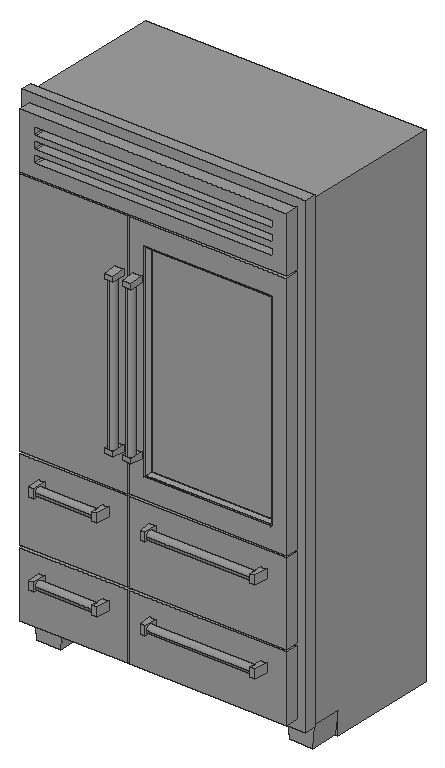
Revit family
Parameters
  Refrigerator glass [instance] = Refrigerator Glass
  Refrigerator Stainless steel [instance] = Refrigerator Stainless Steel
  Metal works [instance] = Metal works
Reference planes (cm)
  plane 1 "Center (Front/Back)": y = 0
  plane 2: z = 0
Forms (cm)
  Extrusion 1, solid, material "Metal works" <- "Metal works"
    sketch origin (0, 0, 0) x (1, 0, 0) y (0, 1, 0)
      loop
        line (-60, 70.66) -> (-60, 23.47) -> (60, 23.47) -> (60, 70.66) -> (-60, 70.66)
    from 0 to 9.36
  Extrusion 2, solid, material "Metal works" <- "Metal works"
    sketch origin (0, 0, 0) x (1, 0, 0) y (0, 1, 0)
      loop
        line (60, 10.35) -> (60, 70.66) -> (-60, 70.66) -> (-60, 10.35) -> (60, 10.35)
    from 9.36 to 211.48
  Extrusion 3, solid, material "Refrigerator Stainless Steel" <- "Refrigerator Stainless steel"
    sketch origin (0, 0, 0) x (1, 0, 0) y (0, 1, 0)
      loop
        line (-60.96, 10.35) -> (-60.96, 5.47) -> (60.96, 5.47) -> (60.96, 10.35) -> (-60.96, 10.35)
    from 9.36 to 213.36
  Extrusion 4, solid, material "Refrigerator Stainless Steel" <- "Refrigerator Stainless steel"
    sketch origin (0, 0, 0) x (1, 0, 0) y (0, 0, 1)
      loop
        line (-57.15, 209.55) -> (-57.15, 185.55) -> (57.15, 185.55) -> (57.15, 209.55) -> (-57.15, 209.55)
      loop
        line (-51, 202.011) -> (-50.599, 201.61) -> (50.5953, 201.61) -> (51, 202.0147) -> (51, 204.4253) -> (50.5953, 204.83) -> (-50.599, 204.83) -> (-51, 204.429) -> (-51, 202.011)
      loop
        line (50.5953, 199.44) -> (-50.599, 199.44) -> (-51, 199.039) -> (-51, 196.621) -> (-50.599, 196.22) -> (50.5953, 196.22) -> (51, 196.6247) -> (51, 199.0353) -> (50.5953, 199.44)
      loop
        line (50.5953, 194.05) -> (-50.599, 194.05) -> (-51, 193.649) -> (-51, 191.231) -> (-50.599, 190.83) -> (50.5953, 190.83) -> (51, 191.2347) -> (51, 193.6453) -> (50.5953, 194.05)
    from -5.47 to 0
  Extrusion 5, solid, material "Refrigerator Stainless Steel" <- "Refrigerator Stainless steel"
    sketch origin (-18.224, 8.9627, 8.5713) x (1, 0, 0) y (0, 1, 0)
      loop
        line (66.694, -8.9627) -> (64.154, -8.9627) -> (64.154, -14.7227) -> (66.114, -14.7227)
        arc (66.114, -14.7227) -> (66.5486, -11.8572) -> (66.694, -8.9627) r 28.8914
    from 21.8287 to 25.5787
  Extrusion 6, void
    sketch origin (-18.224, 8.9627, 8.5713) x (0, 1, 0) y (0, 0, 1)
      loop
        line (-13.7202, 25.5787) -> (-14.7227, 25.5787) -> (-14.7227, 21.8287) -> (-13.7202, 21.8287)
        arc (-13.7202, 21.8287) -> (-14.6417, 23.7037) -> (-13.7202, 25.5787) r 2.3683
    from 64.154 to 66.2913
  Extrusion 7, solid, material "Refrigerator Stainless Steel" <- "Refrigerator Stainless steel"
    sketch origin (65.164, 8.9627, 8.5713) x (-1, 0, 0) y (0, -1, 0)
      loop
        arc (66.694, 8.9627) -> (66.5486, 11.8572) -> (66.114, 14.7227) r 28.8914
        line (66.114, 14.7227) -> (64.154, 14.7227) -> (64.154, 8.9627) -> (66.694, 8.9627)
    from 21.8287 to 25.5787
  Extrusion 8, void
    sketch origin (65.164, 8.9627, 8.5713) x (0, 1, 0) y (0, 0, -1)
      loop
        arc (-13.7202, -25.5787) -> (-14.6417, -23.7037) -> (-13.7202, -21.8287) r 2.3683
        line (-13.7202, -21.8287) -> (-14.7227, -21.8287) -> (-14.7227, -25.5787) -> (-13.7202, -25.5787)
    from 64.154 to 66.2913
  Extrusion 9, solid, material "Refrigerator Stainless Steel" <- "Refrigerator Stainless steel"
    sketch origin (-18.224, 8.9627, 8.5713) x (0, 1, 0) y (0, 0, 1)
      loop
        circle (-12.6274, 23.7037) r 1.7034
    from 19.234 to 64.154
  Extrusion 10, solid, material "Refrigerator Stainless Steel" <- "Refrigerator Stainless steel"
    sketch origin (0, 0, 0) x (1, 0, 0) y (0, 0, 1)
      loop
        line (-57.15, 184.61) -> (-57.15, 78.21) -> (-11.15, 78.21) -> (-11.15, 184.61) -> (-57.15, 184.61)
      loop
        line (-57.15, 77.27) -> (-57.15, 42.27) -> (-11.15, 42.27) -> (-11.15, 77.27) -> (-57.15, 77.27)
      loop
        line (-57.15, 41.33) -> (-57.15, 13.17) -> (-11.15, 13.17) -> (-11.15, 41.33) -> (-57.15, 41.33)
    from -5.47 to 0
  Extrusion 11, solid, material "Refrigerator Stainless Steel" <- "Refrigerator Stainless steel"
    sketch origin (0, 0, 0) x (1, 0, 0) y (0, 0, 1)
      loop
        line (-10.21, 77.27) -> (-10.21, 42.27) -> (57.15, 42.27) -> (57.15, 77.27) -> (-10.21, 77.27)
      loop
        line (-10.21, 41.33) -> (-10.21, 13.17) -> (57.15, 13.17) -> (57.15, 41.33) -> (-10.21, 41.33)
    from -5.47 to 0
  Extrusion 12, solid, material "Refrigerator Stainless Steel" <- "Refrigerator Stainless steel"
    sketch origin (0, 0, 0) x (1, 0, 0) y (0, 0, 1)
      loop
        line (-10.21, 78.21) -> (57.15, 78.21) -> (57.15, 184.61) -> (-10.21, 184.61) -> (-10.21, 78.21)
      loop
        line (-3.96, 87.07) -> (50.9, 87.07) -> (50.9, 175.75) -> (-3.96, 175.75) -> (-3.96, 87.07)
    from -5.47 to 0
  Sweep 13, solid, material "Refrigerator Stainless Steel" <- "Refrigerator Stainless steel"
    path origin (46.94, 0.47, 0) x (-1, 0, 0) y (0, 0, 1)
      loop
        line (-3.96, 87.07) -> (50.9, 87.07) -> (50.9, 175.75) -> (-3.96, 175.75) -> (-3.96, 87.07)
    profile "Family2 : Family2" origin (50.9, 0.47, 131.41) x (1, 0, 0) y (0, 1, 0)
      loop
        line (0, 0) -> (0, 4) -> (-1.75, 4) -> (-1.75, 1.6588) -> (-0.5, 0) -> (0, 0)
  Extrusion 14, solid, material "Refrigerator Glass" <- "Refrigerator glass"
    sketch origin (0, 0, 0) x (1, 0, 0) y (0, 0, 1)
      loop
        line (-2.21, 88.82) -> (49.15, 88.82) -> (49.15, 174) -> (-2.21, 174) -> (-2.21, 88.82)
    from -4.47 to -2.1288
  Extrusion 15, solid, material "Refrigerator Stainless Steel" <- "Refrigerator Stainless steel"
    sketch origin (-18.224, 8.9627, 44.5113) x (1, 0, 0) y (0, 1, 0)
      loop
        line (66.694, -8.9627) -> (64.154, -8.9627) -> (64.154, -14.7227) -> (66.114, -14.7227)
        arc (66.114, -14.7227) -> (66.5486, -11.8572) -> (66.694, -8.9627) r 28.8914
    from 21.8287 to 25.5787
  Extrusion 16, void
    sketch origin (-18.224, 8.9627, 44.5113) x (0, 1, 0) y (0, 0, 1)
      loop
        line (-13.7202, 25.5787) -> (-14.7227, 25.5787) -> (-14.7227, 21.8287) -> (-13.7202, 21.8287)
        arc (-13.7202, 21.8287) -> (-14.6417, 23.7037) -> (-13.7202, 25.5787) r 2.3683
    from 64.154 to 66.2913
  Extrusion 17, solid, material "Refrigerator Stainless Steel" <- "Refrigerator Stainless steel"
    sketch origin (65.164, 8.9627, 44.5113) x (-1, 0, 0) y (0, -1, 0)
      loop
        arc (66.694, 8.9627) -> (66.5486, 11.8572) -> (66.114, 14.7227) r 28.8914
        line (66.114, 14.7227) -> (64.154, 14.7227) -> (64.154, 8.9627) -> (66.694, 8.9627)
    from 21.8287 to 25.5787
  Extrusion 18, void
    sketch origin (65.164, 8.9627, 44.5113) x (0, 1, 0) y (0, 0, -1)
      loop
        arc (-13.7202, -25.5787) -> (-14.6417, -23.7037) -> (-13.7202, -21.8287) r 2.3683
        line (-13.7202, -21.8287) -> (-14.7227, -21.8287) -> (-14.7227, -25.5787) -> (-13.7202, -25.5787)
    from 64.154 to 66.2913
  Extrusion 19, solid, material "Refrigerator Stainless Steel" <- "Refrigerator Stainless steel"
    sketch origin (-18.224, 8.9627, 44.5113) x (0, 1, 0) y (0, 0, 1)
      loop
        circle (-12.6274, 23.7037) r 1.7034
    from 19.234 to 64.154
  Extrusion 20, void
    sketch origin (65.164, 8.9627, 44.5113) x (0, 1, 0) y (0, 0, -1)
      loop
        arc (-13.7202, -25.5787) -> (-14.6417, -23.7037) -> (-13.7202, -21.8287) r 2.3683
        line (-13.7202, -21.8287) -> (-14.7227, -21.8287) -> (-14.7227, -25.5787) -> (-13.7202, -25.5787)
    from 64.154 to 66.2913
  Extrusion 21, solid, material "Refrigerator Stainless Steel" <- "Refrigerator Stainless steel"
    sketch origin (17.544, 8.9627, 44.5113) x (-1, 0, 0) y (0, -1, 0)
      loop
        arc (66.694, 8.9627) -> (66.5486, 11.8572) -> (66.114, 14.7227) r 28.8914
        line (66.114, 14.7227) -> (64.154, 14.7227) -> (64.154, 8.9627) -> (66.694, 8.9627)
    from 21.8287 to 25.5787
  Extrusion 22, void
    sketch origin (17.544, 8.9627, 44.5113) x (0, 1, 0) y (0, 0, -1)
      loop
        arc (-13.7202, -25.5787) -> (-14.6417, -23.7037) -> (-13.7202, -21.8287) r 2.3683
        line (-13.7202, -21.8287) -> (-14.7227, -21.8287) -> (-14.7227, -25.5787) -> (-13.7202, -25.5787)
    from 64.154 to 66.2913
  Extrusion 23, void
    sketch origin (17.544, 8.9627, 44.5113) x (0, 1, 0) y (0, 0, -1)
      loop
        arc (-13.7202, -25.5787) -> (-14.6417, -23.7037) -> (-13.7202, -21.8287) r 2.3683
        line (-13.7202, -21.8287) -> (-14.7227, -21.8287) -> (-14.7227, -25.5787) -> (-13.7202, -25.5787)
    from 64.154 to 66.2913
  Extrusion 24, solid, material "Refrigerator Stainless Steel" <- "Refrigerator Stainless steel"
    sketch origin (-85.844, 8.9627, 44.5113) x (1, 0, 0) y (0, 1, 0)
      loop
        line (66.694, -8.9627) -> (64.154, -8.9627) -> (64.154, -14.7227) -> (66.114, -14.7227)
        arc (66.114, -14.7227) -> (66.5486, -11.8572) -> (66.694, -8.9627) r 28.8914
    from 21.8287 to 25.5787
  Extrusion 25, void
    sketch origin (-85.844, 8.9627, 44.5113) x (0, 1, 0) y (0, 0, 1)
      loop
        line (-13.7202, 25.5787) -> (-14.7227, 25.5787) -> (-14.7227, 21.8287) -> (-13.7202, 21.8287)
        arc (-13.7202, 21.8287) -> (-14.6417, 23.7037) -> (-13.7202, 25.5787) r 2.3683
    from 64.154 to 66.2913
  Extrusion 26, void
    sketch origin (-85.9326, 8.9627, 44.5113) x (0, 1, 0) y (0, 0, 1)
      loop
        line (-13.7202, 25.5787) -> (-14.7227, 25.5787) -> (-14.7227, 21.8287) -> (-13.7202, 21.8287)
        arc (-13.7202, 21.8287) -> (-14.6417, 23.7037) -> (-13.7202, 25.5787) r 2.3683
    from 64.154 to 66.2913
  Extrusion 27, solid, material "Refrigerator Stainless Steel" <- "Refrigerator Stainless steel"
    sketch origin (-65.844, 8.9627, 44.5113) x (0, 1, 0) y (0, 0, 1)
      loop
        circle (-12.6274, 23.7037) r 1.7034
    from 19.234 to 44.154
  Extrusion 28, solid, material "Refrigerator Stainless Steel" <- "Refrigerator Stainless steel"
    sketch origin (17.544, 8.9627, 8.5713) x (-1, 0, 0) y (0, -1, 0)
      loop
        arc (66.694, 8.9627) -> (66.5486, 11.8572) -> (66.114, 14.7227) r 28.8914
        line (66.114, 14.7227) -> (64.154, 14.7227) -> (64.154, 8.9627) -> (66.694, 8.9627)
    from 21.8287 to 25.5787
  Extrusion 29, void
    sketch origin (17.544, 8.9627, 8.5713) x (0, 1, 0) y (0, 0, -1)
      loop
        arc (-13.7202, -25.5787) -> (-14.6417, -23.7037) -> (-13.7202, -21.8287) r 2.3683
        line (-13.7202, -21.8287) -> (-14.7227, -21.8287) -> (-14.7227, -25.5787) -> (-13.7202, -25.5787)
    from 64.154 to 66.2913
  Extrusion 30, void
    sketch origin (17.544, 8.9627, 8.5713) x (0, 1, 0) y (0, 0, -1)
      loop
        arc (-13.7202, -25.5787) -> (-14.6417, -23.7037) -> (-13.7202, -21.8287) r 2.3683
        line (-13.7202, -21.8287) -> (-14.7227, -21.8287) -> (-14.7227, -25.5787) -> (-13.7202, -25.5787)
    from 64.154 to 66.2913
  Extrusion 31, solid, material "Refrigerator Stainless Steel" <- "Refrigerator Stainless steel"
    sketch origin (-85.844, 8.9627, 8.5713) x (1, 0, 0) y (0, 1, 0)
      loop
        line (66.694, -8.9627) -> (64.154, -8.9627) -> (64.154, -14.7227) -> (66.114, -14.7227)
        arc (66.114, -14.7227) -> (66.5486, -11.8572) -> (66.694, -8.9627) r 28.8914
    from 21.8287 to 25.5787
  Extrusion 32, void
    sketch origin (-85.844, 8.9627, 8.5713) x (0, 1, 0) y (0, 0, 1)
      loop
        line (-13.7202, 25.5787) -> (-14.7227, 25.5787) -> (-14.7227, 21.8287) -> (-13.7202, 21.8287)
        arc (-13.7202, 21.8287) -> (-14.6417, 23.7037) -> (-13.7202, 25.5787) r 2.3683
    from 64.154 to 66.2913
  Extrusion 33, void
    sketch origin (-85.9326, 8.9627, 8.5713) x (0, 1, 0) y (0, 0, 1)
      loop
        line (-13.7202, 25.5787) -> (-14.7227, 25.5787) -> (-14.7227, 21.8287) -> (-13.7202, 21.8287)
        arc (-13.7202, 21.8287) -> (-14.6417, 23.7037) -> (-13.7202, 25.5787) r 2.3683
    from 64.154 to 66.2913
  Extrusion 34, solid, material "Refrigerator Stainless Steel" <- "Refrigerator Stainless steel"
    sketch origin (-65.844, 8.9627, 8.5713) x (0, 1, 0) y (0, 0, 1)
      loop
        circle (-12.6274, 23.7037) r 1.7034
    from 19.234 to 44.154
  Extrusion 35, solid, material "Refrigerator Stainless Steel" <- "Refrigerator Stainless steel"
    sketch origin (9.1387, 8.9627, 160.4181) x (0, 0, -1) y (0, -1, 0)
      loop
        arc (66.694, 8.9627) -> (66.5486, 11.8572) -> (66.114, 14.7227) r 28.8914
        line (66.114, 14.7227) -> (64.154, 14.7227) -> (64.154, 8.9627) -> (66.694, 8.9627)
    from 21.8287 to 25.5787
  Extrusion 36, solid, material "Refrigerator Stainless Steel" <- "Refrigerator Stainless steel"
    sketch origin (9.1387, 8.9627, 77.0301) x (0, 1, 0) y (-1, 0, 0)
      loop
        circle (-12.6274, 23.7037) r 1.7034
    from 19.234 to 84.154
  Extrusion 37, solid, material "Refrigerator Stainless Steel" <- "Refrigerator Stainless steel"
    sketch origin (9.1387, 8.9627, 97.0301) x (0, 0, 1) y (0, 1, 0)
      loop
        line (66.694, -8.9627) -> (64.154, -8.9627) -> (64.154, -14.7227) -> (66.114, -14.7227)
        arc (66.114, -14.7227) -> (66.5486, -11.8572) -> (66.694, -8.9627) r 28.8914
    from 21.8287 to 25.5787
  Extrusion 38, void
    sketch origin (9.1387, 8.9627, 97.0301) x (0, 1, 0) y (-1, 0, 0)
      loop
        line (-13.7202, 25.5787) -> (-14.7227, 25.5787) -> (-14.7227, 21.8287) -> (-13.7202, 21.8287)
        arc (-13.7202, 21.8287) -> (-14.6417, 23.7037) -> (-13.7202, 25.5787) r 2.3683
    from 64.154 to 66.2913
  Extrusion 39, solid, material "Refrigerator Stainless Steel" <- "Refrigerator Stainless steel"
    sketch origin (-30.4987, 8.9627, 160.4181) x (0, 0, -1) y (0, 1, 0)
      loop
        line (66.694, -8.9627) -> (64.154, -8.9627) -> (64.154, -14.7227) -> (66.114, -14.7227)
        arc (66.114, -14.7227) -> (66.5486, -11.8572) -> (66.694, -8.9627) r 28.8914
    from 21.8287 to 25.5787
  Extrusion 40, solid, material "Refrigerator Stainless Steel" <- "Refrigerator Stainless steel"
    sketch origin (-30.4987, 8.9627, 77.0301) x (0, 1, 0) y (-1, 0, 0)
      loop
        circle (-12.6274, -23.7037) r 1.7034
    from 19.234 to 84.154
  Extrusion 41, solid, material "Refrigerator Stainless Steel" <- "Refrigerator Stainless steel"
    sketch origin (-30.4987, 8.9627, 97.0301) x (0, 0, 1) y (0, -1, 0)
      loop
        arc (66.694, 8.9627) -> (66.5486, 11.8572) -> (66.114, 14.7227) r 28.8914
        line (66.114, 14.7227) -> (64.154, 14.7227) -> (64.154, 8.9627) -> (66.694, 8.9627)
    from 21.8287 to 25.5787
  Extrusion 42, void
    sketch origin (-30.4987, 8.9627, 97.0301) x (0, 1, 0) y (-1, 0, 0)
      loop
        arc (-13.7202, -25.5787) -> (-14.6417, -23.7037) -> (-13.7202, -21.8287) r 2.3683
        line (-13.7202, -21.8287) -> (-14.7227, -21.8287) -> (-14.7227, -25.5787) -> (-13.7202, -25.5787)
    from 64.154 to 66.2913
  Extrusion 43, void
    sketch origin (9.1387, 8.9627, 30.1501) x (0, 1, 0) y (-1, 0, 0)
      loop
        line (-13.7202, 25.5787) -> (-14.7227, 25.5787) -> (-14.7227, 21.8287) -> (-13.7202, 21.8287)
        arc (-13.7202, 21.8287) -> (-14.6417, 23.7037) -> (-13.7202, 25.5787) r 2.3683
    from 64.154 to 66.2913
  Extrusion 44, void
    sketch origin (-30.4987, 8.9627, 30.1501) x (0, 1, 0) y (-1, 0, 0)
      loop
        arc (-13.7202, -25.5787) -> (-14.6417, -23.7037) -> (-13.7202, -21.8287) r 2.3683
        line (-13.7202, -21.8287) -> (-14.7227, -21.8287) -> (-14.7227, -25.5787) -> (-13.7202, -25.5787)
    from 64.154 to 66.2913
  Extrusion 45, solid, material "Refrigerator Stainless Steel" <- "Refrigerator Stainless steel"
    sketch origin (0, 0, 0) x (1, 0, 0) y (0, 0, 1)
      loop
        line (-60, 9.36) -> (-59, 0) -> (-49, 0) -> (-48, 9.36) -> (-60, 9.36)
    from -23.47 to -11.47
  Extrusion 46, solid, material "Refrigerator Stainless Steel" <- "Refrigerator Stainless steel"
    sketch origin (0, 0, 0) x (-1, 0, 0) y (0, 0, -1)
      loop
        line (-60, -9.36) -> (-48, -9.36) -> (-49, 0) -> (-59, 0) -> (-60, -9.36)
    from -23.47 to -11.47
Cuts and joins
  Extrusion 8, Extrusion 16 cuts Extrusion 5
  Extrusion 16, Extrusion 20 cuts Extrusion 9
  Extrusion 16, Extrusion 22, Extrusion 23, Extrusion 25, Extrusion 26 cuts Extrusion 19
  Extrusion 18, Extrusion 20 cuts Extrusion 7
  Extrusion 22 cuts Extrusion 17
  Extrusion 25, Extrusion 26 cuts Extrusion 15
  Extrusion 29 cuts Extrusion 21
  Extrusion 29 cuts Extrusion 27
  Extrusion 29 cuts Extrusion 34
  Extrusion 32 cuts Extrusion 24
  Extrusion 38, Extrusion 42, Extrusion 43 cuts Extrusion 36
  Extrusion 38 cuts Extrusion 35
  Extrusion 42, Extrusion 43 cuts Extrusion 37
  Extrusion 42, Extrusion 44 cuts Extrusion 40
  Extrusion 44 cuts Extrusion 41
  joined: Extrusion 1, Extrusion 2
  joined: Extrusion 12, Sweep 13
Lines and regions (cm)
  reference lines
    curve 1: line (-57.15, 0, 0) -> (57.15, 0, 0)
    curve 2: line (-60.96, 10.35, 0) -> (-60.96, 5.47, 0)
    curve 3: line (60, 70.66, 0) -> (-60, 70.66, 0)
    curve 4: line (60.96, 5.47, 0) -> (60.96, 10.35, 0)
    curve 5: line (60.96, 10.35, 0) -> (-60.96, 10.35, 0)
    curve 6: line (-60, 70.66, 0) -> (-60, 10.35, 0)
    curve 7: line (60, 10.35, 0) -> (60, 70.66, 0)
    curve 8: line (60.96, 5.47, 0) -> (-60.96, 5.47, 0)
    curve 9: line (57.15, 0, 0) -> (57.15, 5.47, 0)
    curve 10: line (-57.15, 5.47, 0) -> (-57.15, 0, 0)
    curve 11: line (0, 5.46, 213.36) -> (0, 10.34, 213.36)
    curve 12: line (0, 10.34, 211.48) -> (0, 68, 211.48)
    curve 13: line (60, 11.47, 0) -> (-60, 11.47, 0)
    curve 14: line (-57.15, 0, 209.55) -> (57.15, 0, 209.55)
    curve 15: line (-60.96, 0, 213.36) -> (-68.96, 0, 213.36)
    curve 16: line (-57.15, 0, 209.55) -> (-57.15, 0, 185.55)
    curve 17: line (-57.15, 0, 185.55) -> (57.15, 0, 185.55)
    curve 18: line (57.15, 0, 209.55) -> (57.15, 0, 185.55)
    curve 19: line (-57.15, 0, 184.61) -> (-11.15, 0, 184.61)
    curve 20: line (-57.15, 0, 184.61) -> (-57.15, 0, 78.21)
    curve 21: line (-57.15, 0, 78.21) -> (-11.15, 0, 78.21)
    curve 22: line (57.15, 0, 78.21) -> (57.15, 0, 184.61)
    curve 23: line (-57.15, 0, 77.27) -> (-11.15, 0, 77.27)
    curve 24: line (-57.15, 0, 42.27) -> (-11.15, 0, 42.27)
    curve 25: line (-57.15, 0, 41.33) -> (-11.15, 0, 41.33)
    curve 26: line (-57.15, 0, 13.17) -> (-11.15, 0, 13.17)
    curve 27: line (-57.15, 0, 77.27) -> (-57.15, 0, 42.27)
    curve 28: line (-57.15, 0, 41.33) -> (-57.15, 0, 13.17)
    curve 29: line (57.15, 0, 77.27) -> (57.15, 0, 42.27)
    curve 30: line (57.15, 0, 41.33) -> (57.15, 0, 13.17)
    curve 31: line (-11.15, 0, 13.17) -> (-11.15, 0, 41.33)
    curve 32: line (-10.21, 0, 13.17) -> (-10.21, 0, 41.33)
    curve 33: line (-10.21, 0, 78.21) -> (-10.21, 0, 184.61)
    curve 34: line (-11.15, 0, 78.21) -> (-11.15, 0, 184.61)
    curve 35: line (-11.15, 0, 42.27) -> (-11.15, 0, 77.27)
    curve 36: line (-10.21, 0, 42.27) -> (-10.21, 0, 77.27)
    curve 37: line (-10.21, 0, 77.27) -> (57.15, 0, 77.27)
    curve 38: line (-10.21, 0, 42.27) -> (57.15, 0, 42.27)
    curve 39: line (-10.21, 0, 41.33) -> (57.15, 0, 41.33)
    curve 40: line (-10.21, 0, 78.21) -> (57.15, 0, 78.21)
    curve 41: line (-10.21, 0, 184.61) -> (57.15, 0, 184.61)
    curve 42: line (-2.21, 0, 174) -> (49.15, 0, 174)
    curve 43: line (-2.21, 0, 88.82) -> (49.15, 0, 88.82)
    curve 44: line (-2.21, 0, 88.82) -> (-2.21, 0, 174)
    curve 45: line (49.15, 0, 88.82) -> (49.15, 0, 174)
    curve 46: line (-3.96, 0, 175.75) -> (50.9, 0, 175.75)
    curve 47: line (-3.96, 0, 87.07) -> (-3.96, 0, 175.75)
    curve 48: line (50.9, 0, 87.07) -> (50.9, 0, 175.75)
    curve 49: line (-3.96, 0, 87.07) -> (50.9, 0, 87.07)
    curve 50: line (6.72, 5.47, 0) -> (8.3401, 5.47, 0)
    curve 51: line (-10.21, 0, 13.17) -> (57.15, 0, 13.17)
    curve 52: line (-10.21, 0, 30.4) -> (57.15, 0, 30.4)
    curve 53: line (-11.15, 0, 184.61) -> (-11.15, 0, 78.21)
    curve 54: line (23.47, 0, 30.4) -> (23.47, 0, 82.4)
    curve 55: line (48.47, 0, 70.09) -> (48.47, 0, 74.09)
    curve 56: line (-1.53, 0, 70.09) -> (-1.53, 0, 74.09)
    curve 57: line (-19.15, 0, 77.27) -> (-19.15, 0, 63.77)
    curve 58: line (-49.15, 0, 77.27) -> (-49.15, 0, 63.77)
    curve 59: line (120.97, 0, 0) -> (120.97, 26, 0)
    curve 60: line (50.97, 0, 0) -> (50.97, 26, 0)
    curve 61: line (190.97, 0, 0) -> (190.97, 26, 0)
    curve 62: line (155.97, 0, 0) -> (155.97, 26, 0)
    curve 63: line (-11.15, 0, 164) -> (-10.21, 0, 164)
    curve 64: line (-10.68, 0, 164) -> (-10.68, 0, 162.5)
    curve 65: line (0, 23.47, 10.7276) -> (0, 23.47, 0)
    curve 66: line (0, 11.47, 9.36) -> (0, 11.47, 0)
    curve 67: line (-60, 0, 9.36) -> (-48, 0, 9.36)
    curve 68: line (-48, 0, 9.36) -> (-48, 0, 0)
    curve 69: line (-49, 0, 9.36) -> (-49, 0, 0)
    curve 70: line (-48, 0, 9.36) -> (-49, 0, 0)
    curve 71: line (-59, 0, 9.36) -> (-59, 0, 0)
    curve 72: line (-60, 0, 9.36) -> (-59, 0, 0)
    curve 73: line (-57.15, 0, 209.55) -> (-66.15, 0, 209.55)
    curve 74: line (50.5953, 0, 204.83) -> (-50.599, 0, 204.83)
    curve 75: line (-57.15, 0, 208.05) -> (-66.15, 0, 208.05)
    curve 76: line (50.5953, 0, 201.61) -> (-50.599, 0, 201.61)
    curve 77: line (-51, 0, 202.011) -> (-51, 0, 204.429)
    curve 78: line (51, 0, 202.0147) -> (51, 0, 204.4253)
    curve 79: line (-50.599, 0, 204.83) -> (-51, 0, 204.429)
    curve 80: line (-50.599, 0, 201.61) -> (-51, 0, 202.011)
    curve 81: line (50.5953, 0, 204.83) -> (51, 0, 204.4253)
    curve 82: line (50.5953, 0, 201.61) -> (51, 0, 202.0147)
    curve 83: line (-32.8143, 0, 199.44) -> (-19.3143, 0, 199.44)
    curve 84: line (50.5953, 0, 199.44) -> (-50.599, 0, 199.44)
    curve 85: line (50.5953, 0, 196.22) -> (-50.599, 0, 196.22)
    curve 86: line (-51, 0, 196.621) -> (-51, 0, 199.039)
    curve 87: line (51, 0, 196.6247) -> (51, 0, 199.0353)
    curve 88: line (-50.599, 0, 199.44) -> (-51, 0, 199.039)
    curve 89: line (-50.599, 0, 196.22) -> (-51, 0, 196.621)
    curve 90: line (50.5953, 0, 199.44) -> (51, 0, 199.0353)
    curve 91: line (50.5953, 0, 196.22) -> (51, 0, 196.6247)
    curve 92: line (50.5953, 0, 190.83) -> (-50.599, 0, 190.83)
    curve 93: line (50.5953, 0, 194.05) -> (-50.599, 0, 194.05)
    curve 94: line (-51, 0, 193.649) -> (-51, 0, 191.231)
    curve 95: line (51, 0, 193.6453) -> (51, 0, 191.2347)
    curve 96: line (-50.599, 0, 190.83) -> (-51, 0, 191.231)
    curve 97: line (-50.599, 0, 194.05) -> (-51, 0, 193.649)
    curve 98: line (50.5953, 0, 190.83) -> (51, 0, 191.2347)
    curve 99: line (50.5953, 0, 194.05) -> (51, 0, 193.6453)
